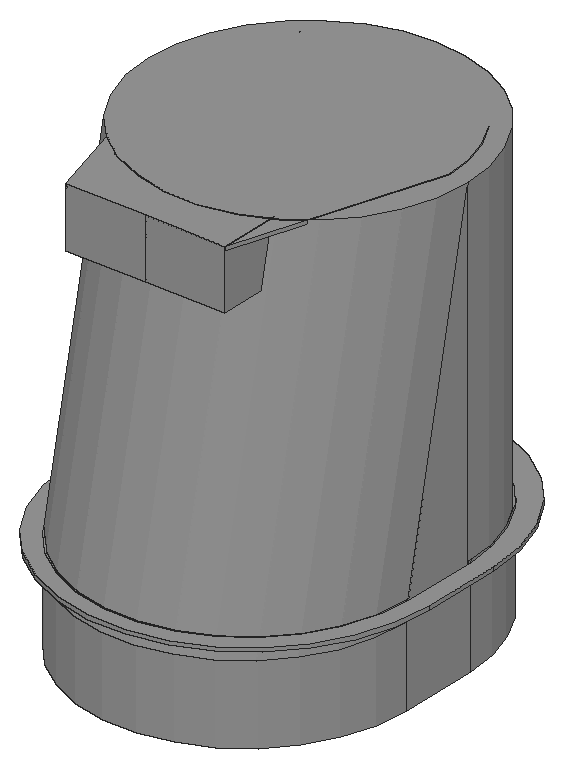
Revit family "Waterless_Toilet-Willoughby-2016-WT", category Generic Models, host Face, Revit 2014
Parameters (values of type "Standard")
  URL = "www.willoughby-ind.com"
  Revision = "A"
  Model = "WT-2016"
  Manufacturer = "Willoughby Industries"
  Fixture Body = Stainless Steel AISI 304-Willoughby
  Description = "Waterless Toilet"
  Default Elevation = 0' - 0"
  Contact = "800-428-4065"
Reference planes (in)
  plane 1 "Center (Front/Back)Floor Level": y = 0
  plane 2: z = 0
  plane 3 "Center (Left/Right)": x = 0
  plane 4: z = 34.05805
  plane 5: z = 38.05805
  plane 6: y = 18
  plane 7: z = 17
  plane 8: y = 8.25
  plane 9: y = 9.15287
Forms (in)
  Blend 1, solid, material "Stainless Steel AISI 304-Willoughby" <- "Fixture Body"
    base sketch origin (-1, 5.65111, 0) x (1, 0, 0) y (0, 1, 0)
      loop
        circle (1, 2.50176) r 8
    top sketch origin (-1, 5.65111, 0) x (1, 0, 0) y (0, 1, 0)
      loop
        line (-7, 2.50176) -> (-7, -1.49824)
        arc (-7, -1.49824) -> (1, -9.49824) -> (9, -1.49824) r 8
        line (9, -1.49824) -> (9, 2.50176)
        arc (9, 2.50176) -> (1, 10.50176) -> (-7, 2.50176) r 8
    from 17 to -1
  Extrusion 2, solid, material "Stainless Steel AISI 304-Willoughby" <- "Fixture Body"
    sketch origin (0, 0, 0) x (1, 0, 0) y (0, 1, 0)
      loop
        line (-9, 8.48136) -> (-9, 4.48136)
        arc (-9, 4.48136) -> (0, -4.51864) -> (9, 4.48136) r 9
        line (9, 4.48136) -> (9, 8.48136)
        arc (9, 8.48136) -> (0, 17.48136) -> (-9, 8.48136) r 9
      loop
        line (8.12801, 4.48136) -> (8.12801, 8.19022)
        arc (8.12801, 8.19022) -> (0.12801, 16.19022) -> (-7.87199, 8.19022) r 8
        line (-7.87199, 8.19022) -> (-7.87199, 4.48136)
        arc (-7.87199, 4.48136) -> (0.12801, -3.51864) -> (8.12801, 4.48136) r 8
    from 0 to -0.1875
  Extrusion 3, solid, material "Stainless Steel AISI 304-Willoughby" <- "Fixture Body"
    sketch origin (8, 0, 17) x (1, 0, 0) y (0, 1, 0)
      loop
        line (-8.25, -1.75) -> (-4.25, -1.75) -> (-4.25, 1.3218)
        arc (-4.25, 1.3218) -> (-6.17945, 0.52259) -> (-8.25, 0.25) r 8
        arc (-8.25, 0.25) -> (-10.32055, 0.52259) -> (-12.25, 1.3218) r 8
        line (-12.25, 1.3218) -> (-12.25, -1.75) -> (-8.25, -1.75)
    from 0 to -3
  Extrusion 4, solid, material "Stainless Steel AISI 304-Willoughby" <- "Fixture Body"
    sketch origin (0, 42.35583, 0) x (1, 0, 0) y (0, 1, 0)
      loop
        line (-8, -34.05805) -> (-8, -38.05805)
        arc (-8, -38.05805) -> (0, -46.05805) -> (8, -38.05805) r 8
        line (8, -38.05805) -> (8, -34.05805)
        arc (8, -34.05805) -> (0, -26.05805) -> (-8, -34.05805) r 8
    from -5 to 0
  Extrusion 5, solid, material "Stainless Steel AISI 304-Willoughby" <- "Fixture Body"
    sketch origin (0, 0, 0) x (1, 0, 0) y (0, 1, 0)
      loop
        line (-7, 8.25) -> (-4.25, -1.75) -> (3.75, -1.75) -> (7, 8.25)
        arc (7, 8.25) -> (0, 15.25) -> (-7, 8.25) r 7
    from 17 to 16.8125
Dimensions and locks (in)
  plane 1 "Center (Front/Back)Floor Level" to plane 6 = 1' - 6"
  Extrusion 3 to plane 8 = 0' - 10"
  Blend 1 to plane 9 = 0' - 7"
  aligned and locked: plane 2 to host face
  aligned and locked: level to host face
  aligned and locked: Extrusion 5 sketch curve to Extrusion 3
